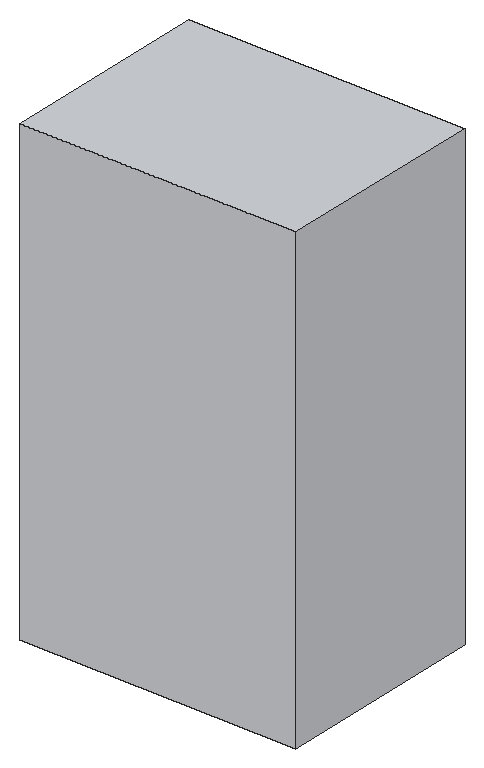
Revit family
Parameters
  Hand Dryer [instance] = Plastic - White
  Warranty Duration (Years) = 0
  URL = "http://www.americanspecialties.com/viewCategories.cfm"
  Test Data = ""
  Specification = "http://www.arcat.com/sdspecs/htm/10810asi.htm"
  SpecWizard = ""
  Send Message = "http://www.arcat.com/users.pl?action=UserEmail&company=American%20Specialties,%20Inc.&coid=30448&rep=139&fax=914-476-0688&mf="
  Sales Information = "http://www.americanspecialties.com/contact"
  Revision = "R1_10-2010"
  Product Properties = "http://www.americanspecialties.com/datasheets/0197.pdf"
  Product Data = "http://www.arcat.com/arcatcos/cos30/arc30448.html"
  Model = "As Specified in 10 28 13"
  Manufacturer Website = "http://www.americanspecialties.com/viewCategories.cfm"
  Manufacturer Phone - Toll Free = ""
  Manufacturer Phone = "914-476-9000 "
  Manufacturer Fax = "914-476-0688"
  Manufacturer Address = "441 Saw Mill River Rd., Yonkers, NY 10701"
  Manufacturer = "American Specialties, Inc."
  Maintenance Schedule (Months) = 0
  Keynote = "10 28 13"
  Installation-Fabrication = "http://www.americanspecialties.com/products.cfm"
  Green Building-LEED = ""
  Expected Lifespan (Years) = 0
  Drawn By = "Robert S. Weygant. CSI, CDT, SCIP"  # constant formula
  Description = "Toilet Accessory as Specified in 10 28 13"
  Default Elevation = 4' - 0"
  Copyright = "©Arcat Inc."
  Construction Details = "http://www.arcat.com/green/clients/leed_data_30448.html"
  Building Codes = "http://www.americanspecialties.com/products.cfm"
  Assembly Code = "C1030210"
Reference planes (in)
  plane 1 "Center (Front/Back)": y = -0.29112
  plane 2 "Floor Line": z = 0
  plane 3 "Center (Left/Right)": x = -0.65843
  plane 4: z = 7.07813
  plane 5: x = -4.68968
  plane 6: x = 3.37282
  plane 7: y = 5.35732
  plane 8: y = -5.93955
Forms (in)
  Extrusion 1, solid
    sketch origin (-3.65843, -9.24924, -6) x (0, 0, -1) y (1, 0, 0)
      loop
        line (-82, 26) -> (-82, -19.34712) -> (-6, -19.34712) -> (-6, 26) -> (-82, 26)
    from 9 to -25.60721
  Extrusion 2, solid, material "Plastic - White" <- "Hand Dryer"
    sketch origin (0, -0.29112, 0) x (1, 0, 0) y (0, 0, 1)
      loop
        line (-4.68968, 0) -> (3.37282, 0) -> (3.37282, 3.53584)
        arc (3.37282, 3.53584) -> (3.20425, 4.33948) -> (2.72698, 5.00766) r 2
        arc (2.72698, 5.00766) -> (-0.65843, 6.32813) -> (-4.04385, 5.00766) r 5
        arc (-4.04385, 5.00766) -> (-4.52112, 4.33948) -> (-4.68968, 3.53584) r 2
        line (-4.68968, 3.53584) -> (-4.68968, 0)
    from -5.64844 to 5.64844
  Sweep 3, void
    path in 3D
      loop
        line (3.37282, 5.35732, 0) -> (3.37282, 5.35732, 4.28584)
        arc (3.37282, 5.35732, 4.28584) -> (3.20425, 5.35732, 5.08948) -> (2.72698, 5.35732, 5.75766) r 2
        arc (2.72698, 5.35732, 5.75766) -> (-0.65843, 5.35732, 7.07813) -> (-4.04385, 5.35732, 5.75766) r 5
        arc (-4.04385, 5.35732, 5.75766) -> (-4.52112, 5.35732, 5.08948) -> (-4.68968, 5.35732, 4.28584) r 2
        line (-4.68968, 5.35732, 4.28584) -> (-4.68968, 5.35732, 0)
    profile origin (-4.68968, 5.35732, 2.14292) x (-1, 0, 0) y (0, -1, 0)
      loop
        line (0, 0) -> (0, 1)
        arc (0, 1) -> (-0.29289, 0.29289) -> (-1, 0) r 1
        line (-1, 0) -> (0, 0)
  Extrusion 4, solid, material "Plastic - White" <- "Hand Dryer"
    sketch origin (0, -0.29112, 0) x (1, 0, 0) y (0, 0, 1)
      loop
        arc (2.72698, 5.00766) -> (3.20425, 4.33948) -> (3.37282, 3.53584) r 2
        line (3.37282, 3.53584) -> (3.37282, 4.28584)
        arc (3.37282, 4.28584) -> (3.20425, 5.08948) -> (2.72698, 5.75766) r 2
        arc (2.72698, 5.75766) -> (-0.65843, 7.07813) -> (-4.04385, 5.75766) r 5
        arc (-4.04385, 5.75766) -> (-4.52112, 5.08948) -> (-4.68968, 4.28584) r 2
        line (-4.68968, 4.28584) -> (-4.68968, 3.53584)
        arc (-4.68968, 3.53584) -> (-4.52112, 4.33948) -> (-4.04385, 5.00766) r 2
        arc (-4.04385, 5.00766) -> (-0.65843, 6.32813) -> (2.72698, 5.00766) r 5
    from -5.64844 to 5.64844
  Extrusion 5, void
    sketch origin (-1.31687, 0, 0) x (-1, 0, 0) y (0, -1, 0)
      loop
        spline (-4.68968, -1.70888) -> (-3.68841, -1.49187) -> (-2.91099, -1.04829) -> (-2.36294, -0.45882) -> (-2.03573, 0.20296) -> (-1.87148, 0.88851) -> (-1.80154, 1.55477) -> (-1.76394, 2.17012) -> (-1.74144, 2.77945) -> (-1.73512, 3.45896) -> (-1.73254, 4.2722) -> (-1.50653, 5.08091) -> (-0.65843, 5.58565)
        line (-0.65843, 5.58565) -> (-0.65843, 5.93955) -> (-4.68968, 5.93955) -> (-4.68968, -1.70888)
    from 0 to 12
  Sweep 6, void
    path in 3D
      loop
        line (3.37282, -5.93955, 0) -> (3.37282, -5.93955, 3.53584)
        arc (3.37282, -5.93955, 3.53584) -> (3.20425, -5.93955, 4.33948) -> (2.72698, -5.93955, 5.00766) r 2
        arc (2.72698, -5.93955, 5.00766) -> (-0.65843, -5.93955, 6.32813) -> (-4.04385, -5.93955, 5.00766) r 5
        arc (-4.04385, -5.93955, 5.00766) -> (-4.52112, -5.93955, 4.33948) -> (-4.68968, -5.93955, 3.53584) r 2
        line (-4.68968, -5.93955, 3.53584) -> (-4.68968, -5.93955, 0)
    profile origin (-4.68968, -5.93955, 1.76792) x (-1, 0, 0) y (0, -1, 0)
      loop
        line (0, 0) -> (-0.5, 0)
        arc (-0.5, 0) -> (-0.14645, -0.14645) -> (0, -0.5) r 0.5
        line (0, -0.5) -> (0, 0)
  Extrusion 7, void
    sketch origin (0, -0.29112, 0) x (1, 0, 0) y (0, 0, 1)
      loop
        line (-1.56358, 5.17022) -> (-1.56358, 4.67022) -> (0.43642, 4.67022) -> (0.43642, 5.17022) -> (-1.56358, 5.17022)
      loop
        line (-3.24194, 4.29623) -> (-3.24194, 4.04623) -> (-2.99194, 4.04623) -> (-2.99194, 4.29623) -> (-3.24194, 4.29623)
      loop
        line (-2.74194, 4.29623) -> (-2.74194, 4.04623) -> (-2.49194, 4.04623) -> (-2.49194, 4.29623) -> (-2.74194, 4.29623)
      loop
        line (-2.24194, 4.29623) -> (-2.24194, 4.04623) -> (-1.99194, 4.04623) -> (-1.99194, 4.29623) -> (-2.24194, 4.29623)
      loop
        line (-1.74194, 4.29623) -> (-1.74194, 4.04623) -> (-1.49194, 4.04623) -> (-1.49194, 4.29623) -> (-1.74194, 4.29623)
      loop
        line (-1.24194, 4.29623) -> (-1.24194, 4.04623) -> (-0.99194, 4.04623) -> (-0.99194, 4.29623) -> (-1.24194, 4.29623)
      loop
        line (-3.24194, 3.79623) -> (-3.24194, 3.54623) -> (-2.99194, 3.54623) -> (-2.99194, 3.79623) -> (-3.24194, 3.79623)
      loop
        line (-2.74194, 3.79623) -> (-2.74194, 3.54623) -> (-2.49194, 3.54623) -> (-2.49194, 3.79623) -> (-2.74194, 3.79623)
      loop
        line (-2.24194, 3.79623) -> (-2.24194, 3.54623) -> (-1.99194, 3.54623) -> (-1.99194, 3.79623) -> (-2.24194, 3.79623)
      loop
        line (-1.74194, 3.79623) -> (-1.74194, 3.54623) -> (-1.49194, 3.54623) -> (-1.49194, 3.79623) -> (-1.74194, 3.79623)
      loop
        line (-1.24194, 3.79623) -> (-1.24194, 3.54623) -> (-0.99194, 3.54623) -> (-0.99194, 3.79623) -> (-1.24194, 3.79623)
      loop
        line (-3.24194, 3.29623) -> (-3.24194, 3.04623) -> (-2.99194, 3.04623) -> (-2.99194, 3.29623) -> (-3.24194, 3.29623)
      loop
        line (-2.74194, 3.29623) -> (-2.74194, 3.04623) -> (-2.49194, 3.04623) -> (-2.49194, 3.29623) -> (-2.74194, 3.29623)
      loop
        line (-2.24194, 3.29623) -> (-2.24194, 3.04623) -> (-1.99194, 3.04623) -> (-1.99194, 3.29623) -> (-2.24194, 3.29623)
      loop
        line (-1.74194, 3.29623) -> (-1.74194, 3.04623) -> (-1.49194, 3.04623) -> (-1.49194, 3.29623) -> (-1.74194, 3.29623)
      loop
        line (-1.24194, 3.29623) -> (-1.24194, 3.04623) -> (-0.99194, 3.04623) -> (-0.99194, 3.29623) -> (-1.24194, 3.29623)
      loop
        line (1.92507, 4.29623) -> (1.67507, 4.29623) -> (1.67507, 4.04623) -> (1.92507, 4.04623) -> (1.92507, 4.29623)
      loop
        line (1.42507, 4.29623) -> (1.17507, 4.29623) -> (1.17507, 4.04623) -> (1.42507, 4.04623) -> (1.42507, 4.29623)
      loop
        line (0.92507, 4.29623) -> (0.67507, 4.29623) -> (0.67507, 4.04623) -> (0.92507, 4.04623) -> (0.92507, 4.29623)
      loop
        line (0.42507, 4.29623) -> (0.17507, 4.29623) -> (0.17507, 4.04623) -> (0.42507, 4.04623) -> (0.42507, 4.29623)
      loop
        line (-0.07493, 4.29623) -> (-0.32493, 4.29623) -> (-0.32493, 4.04623) -> (-0.07493, 4.04623) -> (-0.07493, 4.29623)
      loop
        line (1.92507, 3.79623) -> (1.67507, 3.79623) -> (1.67507, 3.54623) -> (1.92507, 3.54623) -> (1.92507, 3.79623)
      loop
        line (1.42507, 3.79623) -> (1.17507, 3.79623) -> (1.17507, 3.54623) -> (1.42507, 3.54623) -> (1.42507, 3.79623)
      loop
        line (0.92507, 3.79623) -> (0.67507, 3.79623) -> (0.67507, 3.54623) -> (0.92507, 3.54623) -> (0.92507, 3.79623)
      loop
        line (0.42507, 3.79623) -> (0.17507, 3.79623) -> (0.17507, 3.54623) -> (0.42507, 3.54623) -> (0.42507, 3.79623)
      loop
        line (-0.07493, 3.79623) -> (-0.32493, 3.79623) -> (-0.32493, 3.54623) -> (-0.07493, 3.54623) -> (-0.07493, 3.79623)
      loop
        line (1.92507, 3.29623) -> (1.67507, 3.29623) -> (1.67507, 3.04623) -> (1.92507, 3.04623) -> (1.92507, 3.29623)
      loop
        line (1.42507, 3.29623) -> (1.17507, 3.29623) -> (1.17507, 3.04623) -> (1.42507, 3.04623) -> (1.42507, 3.29623)
      loop
        line (0.92507, 3.29623) -> (0.67507, 3.29623) -> (0.67507, 3.04623) -> (0.92507, 3.04623) -> (0.92507, 3.29623)
      loop
        line (0.42507, 3.29623) -> (0.17507, 3.29623) -> (0.17507, 3.04623) -> (0.42507, 3.04623) -> (0.42507, 3.29623)
      loop
        line (-0.07493, 3.29623) -> (-0.32493, 3.29623) -> (-0.32493, 3.04623) -> (-0.07493, 3.04623) -> (-0.07493, 3.29623)
    from 5.29453 to 12
  Extrusion 8, void
    sketch origin (0, 0, 0) x (1, 0, 0) y (0, 1, 0)
      loop
        line (-4.68968, 1.70888) -> (-4.68968, -5.93955) -> (-0.65843, -5.93955) -> (-0.65843, -5.58565)
        spline (-0.65843, -5.58565) -> (-1.50653, -5.08091) -> (-1.73254, -4.2722) -> (-1.73512, -3.45896) -> (-1.74144, -2.77945) -> (-1.76394, -2.17012) -> (-1.80154, -1.55477) -> (-1.87148, -0.88851) -> (-2.03573, -0.20296) -> (-2.36294, 0.45882) -> (-2.91099, 1.04829) -> (-3.68841, 1.49187) -> (-4.68968, 1.70888)
    from 0 to 12
Cuts and joins
  Sweep 3, Sweep 6, Extrusion 7 cuts Extrusion 2
  Sweep 3, Extrusion 5, Extrusion 7, Extrusion 8 cuts Extrusion 4
Lines and regions (in)
  sketch lines
    curve 1: line (-4.68968, 5.35732, 4.28584) -> (-4.68968, 5.35732, 0)
    curve 2: arc (-4.04385, 5.35732, 5.75766) -> (-0.65843, 5.35732, 7.07813) -> (2.72698, 5.35732, 5.75766) r 5
    curve 3: arc (-4.68968, 5.35732, 4.28584) -> (-4.52112, 5.35732, 5.08948) -> (-4.04385, 5.35732, 5.75766) r 2
    curve 4: arc (2.72698, 5.35732, 5.75766) -> (3.20425, 5.35732, 5.08948) -> (3.37282, 5.35732, 4.28584) r 2
    curve 5: line (3.37282, 5.35732, 0) -> (3.37282, 5.35732, 4.28584)
    curve 6: line (-4.68968, -5.93955, 3.53584) -> (-4.68968, -5.93955, 0)
    curve 7: arc (-4.68968, -5.93955, 3.53584) -> (-4.52112, -5.93955, 4.33948) -> (-4.04385, -5.93955, 5.00766) r 2
    curve 8: arc (-4.04385, -5.93955, 5.00766) -> (-0.65843, -5.93955, 6.32813) -> (2.72698, -5.93955, 5.00766) r 5
    curve 9: arc (2.72698, -5.93955, 5.00766) -> (3.20425, -5.93955, 4.33948) -> (3.37282, -5.93955, 3.53584) r 2
    curve 10: line (3.37282, -5.93955, 0) -> (3.37282, -5.93955, 3.53584)
Dimensions and locks (in)
  aligned and locked: plane 5 to Extrusion 2 sketch curve
  aligned and locked: Extrusion 2 sketch curve to level
  aligned and locked: Extrusion 2 sketch curve to plane 6
  aligned and locked: Extrusion 2 to plane 7
  aligned and locked: Extrusion 2 to plane 8
  aligned and locked: Extrusion 4 to plane 7
  aligned and locked: Extrusion 4 to plane 8
